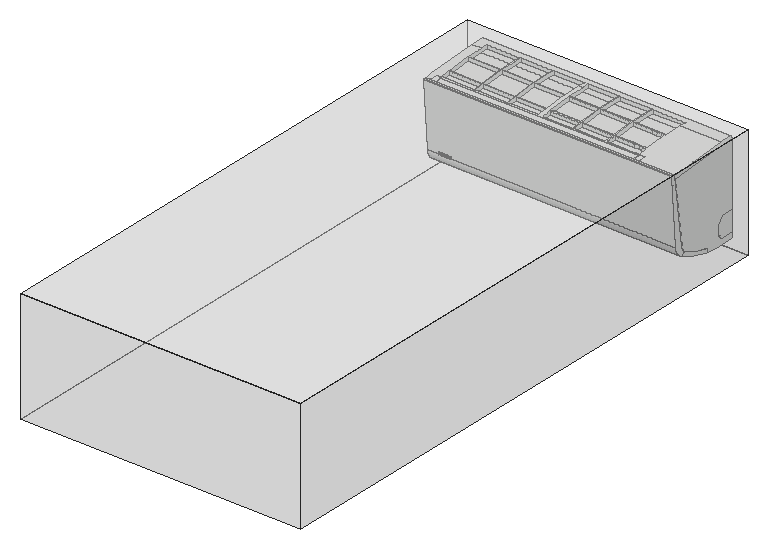
Revit family "outputfile", category 機械設備, Revit 2024
Family settings
  丸型コネクタ寸法 = 半径を使用
  パーツ タイプ = 標準
  OmniClass 番号 = 23.75.10.24.21.27.27
  OmniClass タイトル = Split System Air Conditioning Units
  作業面ベース = いいえ
  常に垂直 = はい
  ロード時にボイドで切り取り = いいえ
  注釈の向きを維持 = いいえ
  共有 = いいえ
  部屋計算ポイント = いいえ
Parameters (values of type "FTKF50CV1MF")
  Description = ""
  書き出し IFC クラス(タイプ) = "IfcUnitaryEquipmentType"
  定義済み IFC タイプ(タイプ) = "AIRCONDITIONINGUNIT"
  Cost = 0
  Type Comments = ""
  Keynote = ""
  Type Image = (empty or 0)
  Assembly Code = ""
  switch_frequency = yes
  lw_connection [instance] = if(Width = 730.0 mm, 85.0 mm, if(Width = 770.0 mm, 48.0 mm, 60.0 mm))  # 48.0 mm
  製造元 = "Daikin"
  モデル = "FTKF50CV1MF"
  r_Liquid Pipe Size = Liquid Pipe Size / 2  # 3.2 mm
  r_Gas Pipe Size = Gas Pipe Size / 2  # 6.35 mm
  r_Drain Pipe Size = Drain Pipe Size / 2  # 9.55 mm
  lw_powersupply [instance] = if(Width = 730.0 mm, if(or(Rear Right Connection_refrigerant, Bottom Right Connection_refrigerant), 65.0 mm, if(or(Rear Left Connection_refrigerant, Bottom Left Connection_refrigerant), 695.0 mm, 400.0 mm)), if(Width = 770.0 mm, if(or(Rear Right Connection_refrigerant, Bottom Right Connection_refrigerant), 68.0 mm, if(or(Rear Left Connection_refrigerant, Bottom Left Connection_refrigerant), 705.0 mm, 400.0 mm)), if(or(Rear Right Connection_refrigerant, Bottom Right Connection_refrigerant), 83.0 mm, if(or(Rear Left Connection_refrigerant, Bottom Left Connection_refrigerant), 928.0 mm, 400.0 mm))))  # 400.0 mm
  lw_liquidpipe [instance] = if(Width = 730.0 mm, if(or(Rear Right Connection_refrigerant, Bottom Right Connection_refrigerant), 0.0 mm, if(or(Rear Left Connection_refrigerant, Bottom Left Connection_refrigerant), 582.0 mm, 473.0 mm)), if(Width = 770.0 mm, if(or(Rear Right Connection_refrigerant, Bottom Right Connection_refrigerant), 0.0 mm, if(or(Rear Left Connection_refrigerant, Bottom Left Connection_refrigerant), 682.0 mm, 385.0 mm)), if(or(Rear Right Connection_refrigerant, Bottom Right Connection_refrigerant), 10.0 mm, if(or(Rear Left Connection_refrigerant, Bottom Left Connection_refrigerant), 858.0 mm, 435.0 mm))))  # 385.0 mm
  lw_gaspipe [instance] = if(Width = 730.0 mm, if(or(Rear Right Connection_refrigerant, Bottom Right Connection_refrigerant), 0.0 mm, if(or(Rear Left Connection_refrigerant, Bottom Left Connection_refrigerant), 576.0 mm, 428.0 mm)), if(Width = 770.0 mm, if(or(Rear Right Connection_refrigerant, Bottom Right Connection_refrigerant), 0.0 mm, if(or(Rear Left Connection_refrigerant, Bottom Left Connection_refrigerant), 675.0 mm, 335.0 mm)), if(or(Rear Right Connection_refrigerant, Bottom Right Connection_refrigerant), 0.0 mm, if(or(Rear Left Connection_refrigerant, Bottom Left Connection_refrigerant), 851.0 mm, 400.0 mm))))  # 335.0 mm
  lw_drainpipe [instance] = if(Width = 730.0 mm, if(or(Rear Right Connection_refrigerant, Bottom Right Connection_refrigerant), 0.0 mm, if(or(Rear Left Connection_refrigerant, Bottom Left Connection_refrigerant), 590.0 mm, 488.0 mm)), if(Width = 770.0 mm, if(or(Rear Right Connection_refrigerant, Bottom Right Connection_refrigerant), 0.0 mm, if(or(Rear Left Connection_refrigerant, Bottom Left Connection_refrigerant), 695.0 mm, 440.0 mm)), if(or(Rear Right Connection_refrigerant, Bottom Right Connection_refrigerant), 0.0 mm, if(or(Rear Left Connection_refrigerant, Bottom Left Connection_refrigerant), 888.0 mm, 475.0 mm))))  # 440.0 mm
  l_powersupply_length [instance] = if(Width = 730.0 mm, if(Right Connection_refrigerant, 400.0 mm, if(Left Connection_refrigerant, 330.0 mm, if(or(Bottom Left Connection_refrigerant, Bottom Right Connection_refrigerant), 57.0 mm, if(or(Rear Left Connection_refrigerant, Rear Right Connection_refrigerant), 15.0 mm, 50.0 mm)))), if(Width = 770.0 mm, if(Right Connection_refrigerant, 400.0 mm, if(Left Connection_refrigerant, 370.0 mm, if(or(Bottom Left Connection_refrigerant, Bottom Right Connection_refrigerant), 57.0 mm, if(or(Rear Left Connection_refrigerant, Rear Right Connection_refrigerant), 15.0 mm, 50.0 mm)))), if(Right Connection_refrigerant, 400.0 mm, if(Left Connection_refrigerant, 590.0 mm, if(or(Bottom Left Connection_refrigerant, Bottom Right Connection_refrigerant), 57.0 mm, if(or(Rear Left Connection_refrigerant, Rear Right Connection_refrigerant), 15.0 mm, 50.0 mm))))))  # 400.0 mm
  l_liquidpipe_length [instance] = if(Width = 730.0 mm, if(Right Connection_refrigerant, 558.0 mm, if(Left Connection_refrigerant, 172.0 mm, if(or(Bottom Left Connection_refrigerant, Bottom Right Connection_refrigerant), 48.0 mm, if(or(Rear Left Connection_refrigerant, Rear Right Connection_refrigerant), 30.0 mm, 40.0 mm)))), if(Width = 770.0 mm, if(Right Connection_refrigerant, 433.0 mm, if(Left Connection_refrigerant, 337.0 mm, if(or(Bottom Left Connection_refrigerant, Bottom Right Connection_refrigerant), 48.0 mm, if(or(Rear Left Connection_refrigerant, Rear Right Connection_refrigerant), 30.0 mm, 40.0 mm)))), if(Right Connection_refrigerant, 495.0 mm, if(Left Connection_refrigerant, 495.0 mm, if(or(Bottom Left Connection_refrigerant, Bottom Right Connection_refrigerant), 48.0 mm, if(or(Rear Left Connection_refrigerant, Rear Right Connection_refrigerant), 30.0 mm, 40.0 mm))))))  # 433.0 mm
  l_gaspipe_length [instance] = if(Width = 730.0 mm, if(Right Connection_refrigerant, 513.0 mm, if(Left Connection_refrigerant, 217.0 mm, if(or(Bottom Left Connection_refrigerant, Bottom Right Connection_refrigerant), 57.0 mm, if(or(Rear Left Connection_refrigerant, Rear Right Connection_refrigerant), 40.0 mm, 50.0 mm)))), if(Width = 770.0 mm, if(Right Connection_refrigerant, 383.0 mm, if(Left Connection_refrigerant, 387.0 mm, if(or(Bottom Left Connection_refrigerant, Bottom Right Connection_refrigerant), 57.0 mm, if(or(Rear Left Connection_refrigerant, Rear Right Connection_refrigerant), 40.0 mm, 50.0 mm)))), if(Right Connection_refrigerant, 460.0 mm, if(Left Connection_refrigerant, 530.0 mm, if(or(Bottom Left Connection_refrigerant, Bottom Right Connection_refrigerant), 57.0 mm, if(or(Rear Left Connection_refrigerant, Rear Right Connection_refrigerant), 40.0 mm, 50.0 mm))))))  # 383.0 mm
  l_drainpipe_length [instance] = if(Width = 730.0 mm, if(Right Connection_refrigerant, 573.0 mm, if(Left Connection_refrigerant, 157.0 mm, if(or(Bottom Left Connection_refrigerant, Bottom Right Connection_refrigerant), 35.0 mm, if(or(Rear Left Connection_refrigerant, Rear Right Connection_refrigerant), 15.0 mm, 20.0 mm)))), if(Width = 770.0 mm, if(Right Connection_refrigerant, 488.0 mm, if(Left Connection_refrigerant, 282.0 mm, if(or(Bottom Left Connection_refrigerant, Bottom Right Connection_refrigerant), 35.0 mm, if(or(Rear Left Connection_refrigerant, Rear Right Connection_refrigerant), 15.0 mm, 20.0 mm)))), if(Right Connection_refrigerant, 535.0 mm, if(Left Connection_refrigerant, 455.0 mm, if(or(Bottom Left Connection_refrigerant, Bottom Right Connection_refrigerant), 35.0 mm, if(or(Rear Left Connection_refrigerant, Rear Right Connection_refrigerant), 15.0 mm, 20.0 mm))))))  # 488.0 mm
  h*** = 0.0 mm  # constant formula
  connector_voltage = Voltage_50Hz  # 230 V
  connector_powerinput = [Power Input (Cooling)]  # 1.880 kW
  connector_phase = Phase_50Hz  # 1
  angle_vertical [instance] = if(or(Bottom Left Connection_refrigerant, Bottom Right Connection_refrigerant), 0.00°, 90.00°)  # 90.00°
  angle_horizontal [instance] = if(Right Connection_refrigerant, 90.00°, if(Left Connection_refrigerant, -90.00°, if(or(Rear Left Connection_refrigerant, Rear Right Connection_refrigerant), 180.00°, 0.00°)))  # 90.00°
  Width = 770.0 mm
  Voltage_comment_50Hz = "220 - 240"
  Voltage_50Hz = 230 V
  Version = "ver.1.0"
  Unit Type = "Wall Mounted"
  Unit Mass Weight = 9.50 kg
  Unit Designation [instance] = ""
  Uniclass2015Version = "Products v1.30"
  Uniclass2015Title = "Split coil room air conditioning units"
  Uniclass2015Code = "Pr_70_65_03_86"
  URL = ""
  Total Cooling Capacity [instance] = 0.000 kW
  Sound Pressure Level_M speed (dBA) = 39
  Sound Pressure Level_L speed (dBA) = 32
  Sound Pressure Level_H speed (dBA) = 42
  Sound Power Level_H speed (dB) = 0
  Series = "Single Split_Fan Coil Unit"
  Sensible Cooling Capacity [instance] = 0.000 kW
  Refrigerant Type = "R32"
  Power Input (Cooling) = 1.880 kW
  Phase_50Hz = 1
  Option Accessory 3 [instance] = ""
  Option Accessory 2 [instance] = ""
  Option Accessory 1 [instance] = ""
  Nominal Cooling Capacity = 5.280 kW
  Minimum Circuit Amps_50Hz = 11.0 A
  Minimum Airflow = 493.00 m³/h
  Median Airflow = 646.00 m³/h
  Maximum Fuse Amps_50Hz = 20.0 A
  Maximum Airflow = 731.00 m³/h
  Material_Casing = DAIKIN_White_Casing_indoorunit
  Load Classification = HVAC
  Liquid Pipe Size = 6.4 mm
  Link_Nested Family [instance] = ""
  IfcVersion = ""
  IfcExportType = "AIRCONDITIONINGUNIT"
  IfcExportAs = "IfcUnitaryEquipmentType"
  Height = 288.0 mm
  Heat Exchanger Type = "Cross Fin Coil"
  Gas Pipe Size = 12.7 mm
  Frequency_50Hz = 50 Hz
  Fan Type = "Cross Flow Fan"
  Fan Drive = "Direct Drive"
  FCU Tag No. [instance] = ""
  Drain Pipe Size = 19.1 mm
  Design Supply Airflow [instance] = 0.00 m³/h
  Depth = 234.0 mm
  既定の高さ = 0.0 mm
  Cooling Entering Wet Bulb Temperature [instance] = 0.00 °C
  Cooling Entering Dry Bulb Temperature [instance] = 0.00 °C
  Cooling Ambient Wet Bulb Temperature [instance] = 0.00 °C
  Cooling Ambient Dry Bulb Temperature [instance] = 0.00 °C
  Clearance visibility [instance] = yes
  Clearance Top = 30.0 mm
  Clearance Right = 50.0 mm
  Clearance Rear = 0.0 mm
  Clearance Left = 50.0 mm
  Clearance Front = 1500.0 mm
  Clearance Bottom = 30.0 mm
  Bottom Right Connection_refrigerant [instance] = no
  Bottom Left Connection_refrigerant [instance] = no
  Rear Right Connection_refrigerant [instance] = no
  Rear Left Connection_refrigerant [instance] = no
  Right Connection_refrigerant [instance] = yes
  Left Connection_refrigerant [instance] = no
Reference planes
  plane 1 "Back": y = 0
  plane 2: z = 0
  plane 3 "Center (Left/Right)": x = 0
  plane 4 "Center (Front/Back)": y = -117
  plane 5 "Front": y = -234
  plane 6 "Left": x = -385
  plane 7 "Right": x = 385
  plane 8 "Top": z = 0
  plane 9 "Bottom": z = -288
  plane 10 "Front panel_Left": x = -383
  plane 11 "Front panel_Right": x = 383
  plane 12: x = 249
  plane 13: x = 244
  plane 14: x = -435
  plane 15: x = 435
  plane 16: y = 0
  plane 17: y = -1734
  plane 18: z = 30
  plane 19: z = -318
  plane 20 "lw_Piping and Wiring intake": x = 337
  plane 21 "lw_gaspipe": x = 2
  plane 22 "lw_liquidpipe": x = -48
  plane 23 "lw_drainpipe": x = -103
  plane 24 "lh_drainpipe": z = -253
  plane 25 "lh_liquidpipe": z = -240
  plane 26 "lh_gaspipe": z = -231
  plane 27 "ld_drainpipe": y = -15
  plane 28 "ld_liquidpipe": y = -30
  plane 29 "ld_gaspipe": y = -40
  plane 30 "lw_powersupply": x = -15
Dimensions and locks
  equal spacing: plane 6 "Left", plane 3 "Center (Left/Right)", plane 7 "Right"
  "Width": plane 6 "Left" to plane 7 "Right"
  equal spacing: plane 5 "Front", plane 4 "Center (Front/Back)", plane 1 "Back"
  "Depth": plane 5 "Front" to plane 1 "Back"
  "Height": plane 8 "Top" to plane 9 "Bottom"
  locked: plane 10 "Front panel_Left" to plane 6 "Left" at 2
  locked: plane 7 "Right" to plane 11 "Front panel_Right" at 2
  locked: plane 7 "Right" to plane 12 at 136
  locked: plane 12 to plane 13 at 5
  "Clearance Rear": plane 16 to plane 1 "Back"
  "Clearance Front": plane 17 to plane 5 "Front"
  "Clearance Top": plane 18 to plane 8 "Top"
  "Clearance Bottom": plane 9 "Bottom" to plane 19
  "lw_connection": plane 20 "lw_Piping and Wiring intake" to plane 7 "Right"
  "lw_gaspipe": plane 21 "lw_gaspipe" to plane 20 "lw_Piping and Wiring intake"
  "lw_liquidpipe": plane 22 "lw_liquidpipe" to plane 20 "lw_Piping and Wiring intake"
  "lw_drainpipe": plane 23 "lw_drainpipe" to plane 20 "lw_Piping and Wiring intake"
  locked: plane 24 "lh_drainpipe" to plane 9 "Bottom" at 35
  locked: plane 25 "lh_liquidpipe" to plane 9 "Bottom" at 48
  locked: plane 26 "lh_gaspipe" to plane 9 "Bottom" at 57
  locked: plane 27 "ld_drainpipe" to plane 1 "Back" at 15
  locked: plane 1 "Back" to plane 28 "ld_liquidpipe" at 30
  locked: plane 1 "Back" to plane 29 "ld_gaspipe" at 40
  "lw_powersupply": plane 30 "lw_powersupply" to plane 7 "Right"
  "Clearance Left": plane 14 to plane 6 "Left"
  "Clearance Right": plane 7 "Right" to plane 15
  aligned and locked: level to plane 2
  aligned and locked: plane 19 to nested 1
  aligned and locked: plane 18 to nested 1
  aligned and locked: plane 21 "lw_gaspipe" to nested 2
  aligned and locked: nested 2 to plane 29 "ld_gaspipe"
  aligned and locked: plane 22 "lw_liquidpipe" to nested 3
  aligned and locked: nested 3 to plane 28 "ld_liquidpipe"
  aligned and locked: plane 23 "lw_drainpipe" to nested 4
  aligned and locked: nested 4 to plane 27 "ld_drainpipe"
  aligned and locked: nested 5 to plane 27 "ld_drainpipe"
  aligned and locked: plane 30 "lw_powersupply" to nested 5
  aligned and locked: level to plane 8 "Top"
  aligned and locked: nested 1 to plane 14
  aligned and locked: nested 1 to plane 15
  aligned and locked: plane 16 to nested 1
  aligned and locked: nested 1 to plane 17
Nested families
  nested 1: "daikin_clearancespace" at (0, -867, -143.881), show <- "Clearance visibility", visible <- "Clearance visibility", Link_Nested Family <- "Link_Nested Family", type "daikin_clearancespace"
    with width 870.0 mm, show yes, height 348.0 mm, depth 1734.0 mm, Link_Nested Family ""
  nested 2: "daikin_connector_rotate3" at (2, -40, -231), angle_vertical <- "angle_vertical", angle_horizontal <- "angle_horizontal", length <- "l_gaspipe_length", radius <- "r_Gas Pipe Size", type "daikin_connector_rotate3"
    with show no, radius 6.35 mm, length 383.0 mm, angle_vertical 90.00°, angle_horizontal 90.00°
  nested 3: "daikin_connector_rotate3" at (-48, -30, -240), angle_vertical <- "angle_vertical", angle_horizontal <- "angle_horizontal", radius <- "r_Liquid Pipe Size", length <- "l_liquidpipe_length", type "daikin_connector_rotate3"
    with show no, radius 3.2 mm, length 433.0 mm, angle_vertical 90.00°, angle_horizontal 90.00°
  nested 4: "daikin_connector_rotate3" at (-103, -15, -253), angle_vertical <- "angle_vertical", angle_horizontal <- "angle_horizontal", length <- "l_drainpipe_length", radius <- "r_Drain Pipe Size", type "daikin_connector_rotate3"
    with show no, radius 9.55 mm, length 488.0 mm, angle_vertical 90.00°, angle_horizontal 90.00°
  nested 5: "daikin_connector_rotate3" at (-15, -15, -231), angle_vertical <- "angle_vertical", angle_horizontal <- "angle_horizontal", length <- "l_powersupply_length", type "daikin_connector_rotate3"
    with show no, radius 10.0 mm, length 400.0 mm, angle_vertical 90.00°, angle_horizontal 90.00°
  nested 6: "DAIKIN_indoorunit_FTKF-CV1MF" at (-31, 0, 0), type "FTKF-CV1MF"
    with switch_unit1_35-50 yes, switch_unit1_20-25 no, Width 770.0 mm, WALL HOLE-R 48.0 mm, Height 288.0 mm
Connectors
  piping at (385, -40, -231), diameter 12.7, driven by "r_Gas Pipe Size"
    settings: on nested 2, index 1, connector inside diameter 609.6 mm, connector length 0.0 mm, flow factor 0, pipe flow 0.00 m³/h, pressure drop 0.0 Pa, fitting loss kfactor 0, connector angle 0.00°, fixture units 0, engagement length 0.0 mm, angle of deflection 0.00°, flow configuration 1, flow direction 2, fitting loss method 0, system type 29, joint type 0, gender type 0, connector reference index -1, connector utility 0, adjustable connector no, is connector primary yes, connector description "Refrigerant Gas Piping"
  piping at (385, -30, -240), diameter 6.4, driven by "r_Liquid Pipe Size"
    settings: on nested 3, index 2, connector inside diameter 609.6 mm, connector length 0.0 mm, flow factor 0, pipe flow 0.00 m³/h, pressure drop 0.0 Pa, fitting loss kfactor 0, connector angle 0.00°, fixture units 0, engagement length 0.0 mm, angle of deflection 0.00°, flow configuration 1, flow direction 1, fitting loss method 0, system type 29, joint type 0, gender type 0, connector reference index -1, connector utility 0, adjustable connector no, is connector primary no, connector description "Refrigerant Liquid Piping"
  piping at (385, -15, -253), diameter 19.1, driven by "r_Drain Pipe Size"
    settings: on nested 4, index 3, connector inside diameter 609.6 mm, connector length 0.0 mm, flow factor 0, pipe flow 0.00 m³/h, pressure drop 0.0 Pa, fitting loss kfactor 0, connector angle 0.00°, fixture units 0, engagement length 0.0 mm, angle of deflection 0.00°, flow configuration 1, flow direction 2, fitting loss method 4, system type 16, joint type 0, gender type 0, connector reference index -1, connector utility 0, adjustable connector no, is connector primary no, connector description "Condensate Drain Piping"
  electrical at (385, -15, -231), driven by "Load Classification", driven by "connector_powerinput", driven by "connector_phase", driven by "connector_voltage"
    settings: on nested 5, index 4, voltage 230 V, apparent load 1880 VA, apparent load phase1 0 VA, apparent load phase2 0 VA, apparent load phase3 0 VA, power factor 1, load classification "HVAC", number of poles 1, system type 30, power factor state 1, is connector primary yes, connector utility no, sub classification motor no, connector description "Power Supply"
Definition of nested family "daikin_clearancespace"
  Parameters (values of type "daikin_clearancespace")
    Description = "daikin_clearancespace"
    width [instance] = 1823.963 mm
    show [instance] = yes
    material = none
    height [instance] = 1359.762 mm
    depth [instance] = 880.0 mm
    Default Elevation = 0.0 mm
    Link_Nested Family [instance] = ""
  Reference planes
    plane 1 "Center (Front/Back)": y = 0
    plane 2 "Center (Elevation)": z = -0.119
    plane 3 "Center (Left/Right)": x = 0
    plane 4: y = 440
    plane 5: y = -440
    plane 6 "Right": x = 911.982
    plane 7 "Left": x = -911.982
    plane 8 "Top": z = 679.762
    plane 9 "Bottom": z = -680
  Forms (mm)
    Extrusion 1, solid, material <- "material", visible <- "show"
      sketch origin (0, 0, 0) x (1, 0, 0) y (0, 1, 0)
        loop
          line (-911.982, 440) -> (-911.982, -440) -> (911.982, -440) -> (911.982, 440) -> (-911.982, 440)
      from -680 to 679.762
  Lines and regions (mm)
    symbolic lines, visible <- "show"
      curve 1: line (911.982, 440, 0) -> (-911.982, 440, 0)
      curve 2: line (-911.982, 440, 0) -> (-911.982, -440, 0)
      curve 3: line (-911.982, -440, 0) -> (911.982, -440, 0)
      curve 4: line (911.982, -440, 0) -> (911.982, 440, 0)
      curve 5: line (911.982, 0, 679.762) -> (-911.982, 0, 679.762)
      curve 6: line (911.982, 0, -680) -> (911.982, 0, 679.762)
      curve 7: line (-911.982, 0, -680) -> (911.982, 0, -680)
      curve 8: line (-911.982, 0, 679.762) -> (-911.982, 0, -680)
      curve 9: line (0, 440, 679.762) -> (0, -440, 679.762)
      curve 10: line (0, -440, 679.762) -> (0, -440, -680)
      curve 11: line (0, 440, -680) -> (0, 440, 679.762)
      curve 12: line (0, -440, -680) -> (0, 440, -680)
  Dimensions and locks
    "width": plane 7 "Left" to plane 6 "Right"
    "depth": plane 4 to plane 5
    "height": plane 8 "Top" to plane 9 "Bottom"
    equal spacing: plane 7 "Left", plane 3 "Center (Left/Right)", plane 6 "Right"
    equal spacing: plane 4, plane 1 "Center (Front/Back)", plane 5
    equal spacing: plane 8 "Top", plane 2 "Center (Elevation)", plane 9 "Bottom"
    aligned and locked: level to plane 2 "Center (Elevation)"
    aligned and locked: Extrusion 1 sketch curve to plane 4
    aligned and locked: plane 7 "Left" to Extrusion 1 sketch curve
    aligned and locked: Extrusion 1 sketch curve to plane 5
    aligned and locked: Extrusion 1 sketch curve to plane 6 "Right"
    aligned and locked: plane 8 "Top" to Extrusion 1
    aligned and locked: curve 1 to Extrusion 1
    aligned and locked: curve 2 to Extrusion 1
    aligned and locked: curve 3 to Extrusion 1
    aligned and locked: curve 4 to Extrusion 1
    aligned and locked: curve 5 to Extrusion 1
    aligned and locked: curve 6 to Extrusion 1
    aligned and locked: curve 7 to Extrusion 1
    aligned and locked: curve 8 to Extrusion 1
    aligned and locked: curve 9 to Extrusion 1
    aligned and locked: curve 10 to Extrusion 1
    aligned and locked: curve 11 to Extrusion 1
    aligned and locked: curve 12 to Extrusion 1
    aligned and locked: Extrusion 1 to plane 9 "Bottom"
Definition of nested family "DAIKIN_indoorunit_FTKF-CV1MF"
  Parameters (values of type "FTKF-CV1MF")
    switch_unit1_60-71 = Width = 990.0 mm  # no
    switch_unit1_35-50 = Width = 770.0 mm  # no
    switch_unit1_20-25 = Width = 730.0 mm  # yes
    Width = 730.0 mm
    WALL HOLE-R = if(Width = 730.0 mm, 79.0 mm, 48.0 mm)  # 79.0 mm
    Material_Casing = none
    Height = if(Width = 730.0 mm, 280.0 mm, if(Width = 770.0 mm, 288.0 mm, 297.0 mm))  # 280.0 mm
    Default Elevation = 0.0 mm
  Reference planes
    plane 1 "Center (Front/Back)": y = 0
    plane 2 "reference_level": z = 0
    plane 3 "Center (Left/Right)": x = 31
    plane 4: x = -334
    plane 5: x = 396
    plane 6: z = -280
  Forms (mm)
    Extrusion 1, solid, material <- "Material_Casing", visible <- "switch_unit1_20-25"
      sketch origin (31, 0, 0) x (0, 1, 0) y (0, 0, 1)
        loop
          line (-109.519, -8) -> (-2.596, -8) -> (-8.198, 0) -> (-109.608, 0)
          arc (-109.608, 0) -> (-157.226, -5.2) -> (-202.599, -20.555) r 220.623
          line (-202.599, -20.555) -> (-202.447, -29.25)
          arc (-202.447, -29.25) -> (-157.182, -13.38) -> (-109.519, -8) r 213.82
      from -365 to 365
    Extrusion 2, solid, material <- "Material_Casing", visible <- "switch_unit1_20-25"
      sketch origin (416, 1304.033, 1200.206) x (0, 1, 0) y (0, 0, 1)
        loop
          arc (-1496.513, -1423.164) -> (-1487.225, -1434.204) -> (-1476.373, -1443.711) r 95
          arc (-1476.373, -1443.711) -> (-1448.371, -1461.92) -> (-1418.191, -1476.232) r 250
          line (-1418.191, -1476.232) -> (-1418.191, -1465.318)
          arc (-1418.191, -1465.318) -> (-1445.052, -1452.134) -> (-1470.063, -1435.711) r 240
          arc (-1470.063, -1435.711) -> (-1477.766, -1429.186) -> (-1484.641, -1421.794) r 85
          line (-1484.641, -1421.794) -> (-1496.513, -1423.164)
      from -20 to -177
    Extrusion 3, solid, material <- "Material_Casing", visible <- "switch_unit1_20-25"
      sketch origin (31, 0, 0) x (0, 1, 0) y (0, 0, 1)
        loop
          line (-202.769, -10.816) -> (-211.618, -13.692)
          arc (-211.618, -13.692) -> (-212.628, -14.432) -> (-213, -15.629) r 2
          line (-213, -15.629) -> (-210.348, -167.5)
          arc (-210.348, -167.5) -> (-206.029, -195.818) -> (-193.465, -221.562) r 95
          line (-193.465, -221.562) -> (-181.653, -220.199)
          arc (-181.653, -220.199) -> (-195.31, -195.356) -> (-200.037, -167.403) r 85
          line (-200.037, -167.403) -> (-202.769, -10.816)
      from -365 to 365
    Extrusion 4, solid, material <- "Material_Casing", visible <- "switch_unit1_20-25"
      sketch origin (31, 0, 0) x (0, 1, 0) y (0, 0, 1)
        loop
          line (0, -280) -> (0, -11.707) -> (-2.596, -8) -> (-109.519, -8)
          arc (-109.519, -8) -> (-156.378, -13.198) -> (-200.959, -28.539) r 213.82
          line (-200.959, -28.539) -> (-198.537, -167.295)
          arc (-198.537, -167.295) -> (-189.766, -204.754) -> (-165.131, -234.305) r 83.5
          arc (-165.131, -234.305) -> (-139.841, -250.873) -> (-112.659, -264.109) r 238.5
          line (-112.659, -264.109) -> (-112.659, -276.338)
          arc (-112.659, -276.338) -> (-100.834, -279.079) -> (-88.731, -280) r 80
          line (-88.731, -280) -> (0, -280)
      from -365 to 365
    Extrusion 5, solid, material <- "Material_Casing", visible <- "switch_unit1_20-25"
      sketch origin (-354, 1304.033, 1200.206) x (0, 1, 0) y (0, 0, 1)
        loop
          arc (-1496.513, -1423.164) -> (-1487.225, -1434.204) -> (-1476.373, -1443.711) r 95
          arc (-1476.373, -1443.711) -> (-1448.371, -1461.92) -> (-1418.191, -1476.232) r 250
          line (-1418.191, -1476.232) -> (-1418.191, -1465.318)
          arc (-1418.191, -1465.318) -> (-1445.052, -1452.134) -> (-1470.063, -1435.711) r 240
          arc (-1470.063, -1435.711) -> (-1477.766, -1429.186) -> (-1484.641, -1421.794) r 85
          line (-1484.641, -1421.794) -> (-1496.513, -1423.164)
      from 72 to 20
    Extrusion 6, solid, material <- "Material_Casing", visible <- "switch_unit1_20-25"
      sketch origin (31, 7.782, 0.206) x (0, 1, 0) y (0, 0, 1)
        loop
          line (-188.39, -221.794) -> (-200.262, -223.164)
          arc (-200.262, -223.164) -> (-190.975, -234.204) -> (-180.122, -243.711) r 95
          arc (-180.122, -243.711) -> (-152.12, -261.92) -> (-121.941, -276.232) r 250
          line (-121.941, -276.232) -> (-121.941, -265.318)
          arc (-121.941, -265.318) -> (-148.801, -252.134) -> (-173.813, -235.711) r 240
          arc (-173.813, -235.711) -> (-181.515, -229.186) -> (-188.39, -221.794) r 85
      from 204 to -309
    Extrusion 7, void
      sketch origin (31, 0, -235) x (1, 0, 0) y (0, 1, 0)
        loop
          line (-324.633, -72.419) -> (-304, -73.5) -> (-234.9, -73.5) -> (-234.9, -24.5) -> (-324.633, -24.5) -> (-324.633, -72.419)
        loop
          line (-304, -74.9) -> (-324.633, -75.939) -> (-324.633, -139.819) -> (-304, -140.9) -> (-234.9, -140.9) -> (-234.9, -74.9) -> (-304, -74.9)
        loop
          line (-304, -142.3) -> (-324.633, -143.326) -> (-324.633, -182.209) -> (-300, -183.5) -> (-234.9, -183.5) -> (-234.9, -142.3) -> (-304, -142.3)
        loop
          line (-233.5, -142.3) -> (-233.5, -183.5) -> (-146.9, -183.5) -> (-146.9, -142.3) -> (-233.5, -142.3)
        loop
          line (-233.5, -140.9) -> (-146.9, -140.9) -> (-146.9, -74.9) -> (-233.5, -74.9) -> (-233.5, -140.9)
        loop
          line (-233.5, -73.5) -> (-146.9, -73.5) -> (-146.9, -24.5) -> (-233.5, -24.5) -> (-233.5, -73.5)
        loop
          line (-145.5, -73.5) -> (-74.9, -73.5) -> (-54.9, -72.452) -> (-54.9, -24.5) -> (-145.5, -24.5) -> (-145.5, -73.5)
        loop
          line (-145.5, -74.9) -> (-145.5, -140.9) -> (-74.9, -140.9) -> (-54.9, -139.852) -> (-54.9, -75.948) -> (-74.9, -74.9) -> (-145.5, -74.9)
        loop
          line (-145.5, -142.3) -> (-145.5, -183.5) -> (-74.9, -183.5) -> (-54.9, -182.452) -> (-54.9, -143.348) -> (-74.9, -142.3) -> (-145.5, -142.3)
        loop
          line (-53.5, -24.5) -> (-53.5, -72.452) -> (-33.5, -73.5) -> (36.5, -73.5) -> (36.5, -24.5) -> (-53.5, -24.5)
        loop
          line (-53.5, -75.948) -> (-53.5, -139.852) -> (-33.5, -140.9) -> (36.5, -140.9) -> (36.5, -74.9) -> (-33.5, -74.9) -> (-53.5, -75.948)
        loop
          line (-33.5, -142.3) -> (-53.5, -143.348) -> (-53.5, -182.452) -> (-33.5, -183.5) -> (36.5, -183.5) -> (36.5, -142.3) -> (-33.5, -142.3)
        loop
          line (37.9, -24.5) -> (37.9, -73.5) -> (124.9, -73.5) -> (124.9, -24.5) -> (37.9, -24.5)
        loop
          line (37.9, -74.9) -> (37.9, -140.9) -> (124.9, -140.9) -> (124.9, -74.9) -> (37.9, -74.9)
        loop
          line (37.9, -142.3) -> (37.9, -183.5) -> (124.9, -183.5) -> (124.9, -142.3) -> (37.9, -142.3)
        loop
          line (126.3, -24.5) -> (126.3, -73.5) -> (195.6, -73.5) -> (216, -72.431) -> (216, -24.5) -> (126.3, -24.5)
        loop
          line (126.3, -74.9) -> (126.3, -140.9) -> (198.5, -140.9) -> (216, -139.983) -> (216, -75.817) -> (198.5, -74.9) -> (126.3, -74.9)
        loop
          line (126.3, -142.3) -> (126.3, -183.5) -> (198.337, -183.5) -> (216, -182.623) -> (216, -143.217) -> (198.5, -142.3) -> (126.3, -142.3)
      from 201.638 to 250
    Extrusion 8, solid, material <- "Material_Casing"
      sketch origin (31, 0, 0) x (1, 0, 0) y (0, 0, 1)
        loop
          circle (286, -235) r 40
        loop
          circle (-317, -235) r 40
      from 0 to 5
    Extrusion 9, solid, material <- "Material_Casing", visible <- "switch_unit1_20-25"
      sketch origin (396, 1296.25, 1200) x (0, -1, 0) y (0, 0, 1)
        loop
          line (1326.25, -1413) -> (1296.25, -1413) -> (1296.25, -1473) -> (1326.25, -1473)
          arc (1326.25, -1473) -> (1340.393, -1467.142) -> (1346.25, -1453) r 20
          line (1346.25, -1453) -> (1346.25, -1433)
          arc (1346.25, -1433) -> (1340.393, -1418.858) -> (1326.25, -1413) r 20
      from 0 to 5
    Extrusion 10, solid, material <- "Material_Casing", visible <- "switch_unit1_20-25"
      sketch origin (-334, 1296.25, 1200) x (0, 1, 0) y (0, 0, 1)
        loop
          line (-1296.25, -1413) -> (-1326.25, -1413)
          arc (-1326.25, -1413) -> (-1340.393, -1418.858) -> (-1346.25, -1433) r 20
          line (-1346.25, -1433) -> (-1346.25, -1453)
          arc (-1346.25, -1453) -> (-1340.393, -1467.142) -> (-1326.25, -1473) r 20
          line (-1326.25, -1473) -> (-1296.25, -1473) -> (-1296.25, -1413)
      from 0 to 5
    Extrusion 11, solid, material <- "Material_Casing", visible <- "switch_unit1_20-25"
      sketch origin (11, 0, -285) x (-1, 0, 0) y (0, -1, 0)
        loop
          line (-279, 0) -> (-279, 30)
          arc (-279, 30) -> (-284.419, 43.081) -> (-297.5, 48.5) r 18.5
          line (-297.5, 48.5) -> (-320.5, 48.5)
          arc (-320.5, 48.5) -> (-333.581, 43.081) -> (-339, 30) r 18.5
          line (-339, 30) -> (-339, 0) -> (-279, 0)
        loop
          line (326, 0) -> (326, 30)
          arc (326, 30) -> (320.581, 43.081) -> (307.5, 48.5) r 18.5
          line (307.5, 48.5) -> (284.5, 48.5)
          arc (284.5, 48.5) -> (271.419, 43.081) -> (266, 30) r 18.5
          line (266, 30) -> (266, 0) -> (326, 0)
      from 10 to 5
    Extrusion 12, solid, material <- "Material_Casing", visible <- "switch_unit1_35-50"
      sketch origin (31, 0, 0) x (0, 1, 0) y (0, 0, 1)
        loop
          line (-5, 0) -> (-45.84, 0)
          arc (-45.84, 0) -> (-135.906, -3.965) -> (-225.275, -15.831) r 1024.823
          arc (-225.275, -15.831) -> (-224.639, -21.302) -> (-223.878, -26.758) r 241.564
          arc (-223.878, -26.758) -> (-135.207, -14.947) -> (-45.84, -11) r 1013.66
          line (-45.84, -11) -> (0, -11) -> (0, -9.02) -> (-5, 0)
      from -385 to 385
    Extrusion 13, solid, material <- "Material_Casing", visible <- "switch_unit1_35-50"
      sketch origin (31, 0, 0) x (0, 1, 0) y (0, 0, 1)
        loop
          arc (-226.673, -12.416) -> (-229.519, -12.929) -> (-232.363, -13.449) r 1025.776
          arc (-232.363, -13.449) -> (-233.586, -14.198) -> (-233.994, -15.573) r 2
          line (-233.994, -15.573) -> (-218.08, -217.408)
          arc (-218.08, -217.408) -> (-211.296, -237.286) -> (-195.807, -251.472) r 42.415
          line (-195.807, -251.472) -> (-186.556, -243.946)
          arc (-186.556, -243.946) -> (-193.981, -235.221) -> (-197.648, -224.366) r 30.386
          line (-197.648, -224.366) -> (-226.673, -12.416)
      from -385 to 385
    Extrusion 14, void
      sketch origin (33, 0, 0) x (1, 0, 0) y (0, 1, 0)
        loop
          line (-357.499, -23.5) -> (-357.499, -96.7) -> (-255.999, -96.7) -> (-255.999, -23.5) -> (-357.499, -23.5)
        loop
          line (-255.999, -99.1) -> (-357.499, -99.1) -> (-357.499, -170.1) -> (-255.999, -170.1) -> (-255.999, -99.1)
        loop
          line (-255.999, -171.7) -> (-357.499, -171.7) -> (-357.499, -201.7) -> (-255.999, -201.7) -> (-255.999, -171.7)
        loop
          line (-253.399, -23.5) -> (-253.399, -96.7) -> (-153.899, -96.7) -> (-153.899, -23.5) -> (-253.399, -23.5)
        loop
          line (-253.399, -99.1) -> (-253.399, -170.1) -> (-153.899, -170.1) -> (-153.899, -99.1) -> (-253.399, -99.1)
        loop
          line (-153.899, -171.7) -> (-253.399, -171.7) -> (-253.399, -201.7) -> (-153.899, -201.7) -> (-153.899, -171.7)
        loop
          line (-56.549, -23.5) -> (-151.299, -23.5) -> (-151.299, -96.7) -> (-56.549, -96.7) -> (-56.549, -23.5)
        loop
          line (-151.299, -99.1) -> (-151.299, -170.1) -> (-56.549, -170.1) -> (-56.549, -99.1) -> (-151.299, -99.1)
        loop
          line (-56.549, -171.7) -> (-151.299, -171.7) -> (-151.299, -201.7) -> (-56.549, -201.7) -> (-56.549, -171.7)
        loop
          line (50.301, -23.5) -> (-44.549, -23.5) -> (-44.549, -96.7) -> (50.301, -96.7) -> (50.301, -23.5)
        loop
          line (-44.549, -99.1) -> (-44.549, -170.1) -> (50.301, -170.1) -> (50.301, -99.1) -> (-44.549, -99.1)
        loop
          line (50.301, -171.7) -> (-44.549, -171.7) -> (-44.549, -201.7) -> (50.301, -201.7) -> (50.301, -171.7)
        loop
          line (52.901, -23.5) -> (52.901, -96.7) -> (152.401, -96.7) -> (152.401, -23.5) -> (52.901, -23.5)
        loop
          line (52.901, -99.1) -> (52.901, -170.1) -> (152.401, -170.1) -> (152.401, -99.1) -> (52.901, -99.1)
        loop
          line (52.901, -171.7) -> (52.901, -201.7) -> (152.401, -201.7) -> (152.401, -171.7) -> (52.901, -171.7)
        loop
          line (155.001, -23.5) -> (155.001, -96.7) -> (256.501, -96.7) -> (256.501, -23.5) -> (155.001, -23.5)
        loop
          line (155.001, -99.1) -> (155.001, -170.1) -> (217.501, -170.1) -> (229.501, -170.1) -> (241.501, -170.1) -> (256.501, -170.1) -> (256.501, -152.1) -> (256.501, -134.1) -> (256.501, -116.1) -> (256.501, -99.1) -> (241.501, -99.1) -> (229.501, -99.1) -> (217.501, -99.1) -> (155.001, -99.1)
        loop
          line (155.001, -171.7) -> (155.001, -201.7) -> (217.501, -201.7) -> (229.501, -201.7) -> (241.501, -201.7) -> (256.501, -201.7) -> (256.501, -171.7) -> (241.501, -171.7) -> (229.501, -171.7) -> (217.501, -171.7) -> (155.001, -171.7)
      from -40.013 to 47.268
    Extrusion 15, solid, material <- "Material_Casing", visible <- "switch_unit1_35-50"
      sketch origin (-356, 1308.25, 1200) x (0, 1, 0) y (0, 0, -1)
        loop
          line (-1407.524, 1473.254) -> (-1407.524, 1484.154)
          arc (-1407.524, 1484.154) -> (-1456.679, 1472.122) -> (-1503.106, 1451.987) r 299.52
          line (-1503.106, 1451.987) -> (-1494.032, 1444.604)
          arc (-1494.032, 1444.604) -> (-1451.915, 1462.363) -> (-1407.524, 1473.254) r 288.723
      from -2 to -49.5
    Extrusion 16, solid, material <- "Material_Casing", visible <- "switch_unit1_35-50"
      sketch origin (418, 1308.25, 1200) x (0, 1, 0) y (0, 0, 1)
        loop
          arc (-1407.524, -1473.254) -> (-1451.915, -1462.363) -> (-1494.032, -1444.604) r 288.723
          line (-1494.032, -1444.604) -> (-1503.106, -1451.987)
          arc (-1503.106, -1451.987) -> (-1456.679, -1472.122) -> (-1407.524, -1484.154) r 299.52
          line (-1407.524, -1484.154) -> (-1407.524, -1473.254)
      from -2 to -119.5
    Extrusion 17, solid, material <- "Material_Casing", visible <- "switch_unit1_35-50"
      sketch origin (418, 1308.25, 1200) x (0, 1, 0) y (0, 0, 1)
        loop
          line (-1407.524, -1484.154) -> (-1407.524, -1473.254)
          arc (-1407.524, -1473.254) -> (-1451.915, -1462.363) -> (-1494.032, -1444.604) r 288.723
          line (-1494.032, -1444.604) -> (-1503.106, -1451.987)
          arc (-1503.106, -1451.987) -> (-1456.679, -1472.122) -> (-1407.524, -1484.154) r 299.52
      from -119.5 to -724.5
    Extrusion 18, solid, material <- "Material_Casing", visible <- "switch_unit1_35-50"
      sketch origin (31, 0, -30) x (0, 1, 0) y (0, 0, 1)
        loop
          arc (-45.84, 19) -> (-135.218, 15.052) -> (-223.901, 3.238) r 1013.66
          line (-223.901, 3.238) -> (-196.855, -194.257)
          arc (-196.855, -194.257) -> (-192.985, -205.344) -> (-185.107, -214.052) r 29.589
          arc (-185.107, -214.052) -> (-142.926, -231.76) -> (-98.473, -242.568) r 288.081
          line (-98.473, -242.568) -> (-98.525, -254.271)
          arc (-98.525, -254.271) -> (-75.337, -257.066) -> (-52, -258) r 292.099
          line (-52, -258) -> (0, -258) -> (0, 19) -> (-45.84, 19)
      from -385 to 385
    Extrusion 19, solid, material <- "Material_Casing", visible <- "switch_unit1_35-50"
      sketch origin (416, 1296.25, 1200) x (0, -1, 0) y (0, 0, 1)
        loop
          line (1329.05, -1409.6) -> (1296.25, -1409.6) -> (1296.25, -1469.6) -> (1329.05, -1469.6)
          arc (1329.05, -1469.6) -> (1342.627, -1463.976) -> (1348.25, -1450.4) r 19.2
          line (1348.25, -1450.4) -> (1348.25, -1428.8)
          arc (1348.25, -1428.8) -> (1342.627, -1415.224) -> (1329.05, -1409.6) r 19.2
      from 0 to 5
    Extrusion 20, solid, material <- "Material_Casing", visible <- "switch_unit1_35-50"
      sketch origin (-349, 1296.25, 1200) x (0, -1, 0) y (0, 0, 1)
        loop
          line (1329.05, -1409.6) -> (1296.25, -1409.6) -> (1296.25, -1469.6) -> (1329.05, -1469.6)
          arc (1329.05, -1469.6) -> (1342.627, -1463.976) -> (1348.25, -1450.4) r 19.2
          line (1348.25, -1450.4) -> (1348.25, -1428.8)
          arc (1348.25, -1428.8) -> (1342.627, -1415.224) -> (1329.05, -1409.6) r 19.2
      from 0 to 5
    Extrusion 21, solid, material <- "Material_Casing", visible <- "switch_unit1_35-50"
      sketch origin (31, 200, -288) x (-1, 0, 0) y (0, -1, 0)
        loop
          line (369, 200) -> (369, 232)
          arc (369, 232) -> (363.142, 246.142) -> (349, 252) r 20
          line (349, 252) -> (329, 252)
          arc (329, 252) -> (314.858, 246.142) -> (309, 232) r 20
          line (309, 232) -> (309, 200) -> (369, 200)
        loop
          line (-369, 200) -> (-309, 200) -> (-309, 232)
          arc (-309, 232) -> (-314.858, 246.142) -> (-329, 252) r 20
          line (-329, 252) -> (-349, 252)
          arc (-349, 252) -> (-363.142, 246.142) -> (-369, 232) r 20
          line (-369, 232) -> (-369, 200)
      from 0 to 5
    Extrusion 22, void
      sketch origin (0, 0, 0) x (1, 0, 0) y (0, 1, 0)
        loop
          line (-308, -185.757) -> (-308, -202.769) -> (262, -202.769) -> (262, -185.757) -> (-308, -185.757)
      from -35 to 0
    Extrusion 23, solid, material <- "Material_Casing", visible <- "switch_unit1_20-25"
      sketch origin (0, 0, 0) x (1, 0, 0) y (0, 1, 0)
        loop
          line (-308, -185.757) -> (-308, -202.757) -> (-293, -202.757) -> (-293, -185.757) -> (-308, -185.757)
        loop
          line (262, -185.757) -> (247, -185.757) -> (247, -202.757) -> (262, -202.757) -> (262, -185.757)
      from -35 to 0
    Extrusion 24, solid, material <- "Material_Casing", visible <- "switch_unit1_20-25"
      sketch origin (0, 0, 0) x (1, 0, 0) y (0, 1, 0)
        loop
          line (-293, -190.757) -> (-293, -202.757) -> (247, -202.757) -> (247, -190.757) -> (203.171, -190.757) -> (203.171, -194.257)
          arc (203.171, -194.257) -> (202.732, -195.318) -> (201.671, -195.757) r 1.5
          line (201.671, -195.757) -> (180.129, -195.757)
          arc (180.129, -195.757) -> (179.068, -195.318) -> (178.629, -194.257) r 1.5
          line (178.629, -194.257) -> (178.629, -190.757) -> (46.421, -190.757) -> (46.421, -194.257)
          arc (46.421, -194.257) -> (45.982, -195.318) -> (44.921, -195.757) r 1.5
          line (44.921, -195.757) -> (23.379, -195.757)
          arc (23.379, -195.757) -> (22.318, -195.318) -> (21.879, -194.257) r 1.5
          line (21.879, -194.257) -> (21.879, -190.757) -> (-68.079, -190.757) -> (-68.079, -194.257)
          arc (-68.079, -194.257) -> (-68.518, -195.318) -> (-69.579, -195.757) r 1.5
          line (-69.579, -195.757) -> (-91.121, -195.757)
          arc (-91.121, -195.757) -> (-92.182, -195.318) -> (-92.621, -194.257) r 1.5
          line (-92.621, -194.257) -> (-92.621, -190.757) -> (-224.829, -190.757) -> (-224.829, -194.257)
          arc (-224.829, -194.257) -> (-225.268, -195.318) -> (-226.329, -195.757) r 1.5
          line (-226.329, -195.757) -> (-247.871, -195.757)
          arc (-247.871, -195.757) -> (-248.932, -195.318) -> (-249.371, -194.257) r 1.5
          line (-249.371, -194.257) -> (-249.371, -190.757) -> (-293, -190.757)
      from -35 to 0
    Extrusion 25, void
      sketch origin (31, 0, 0) x (0, 1, 0) y (0, 0, 1)
        loop
          line (-185.757, -13.903) -> (-185.757, 0) -> (-205.202, 0) -> (-205.202, -21.715)
          arc (-205.202, -21.715) -> (-195.563, -17.601) -> (-185.757, -13.903) r 245
        loop
          line (-205.202, -30.526) -> (-205.202, -35) -> (-185.757, -35) -> (-185.757, -22.404)
          arc (-185.757, -22.404) -> (-195.57, -26.249) -> (-205.202, -30.526) r 237
      from 231 to -339
    Extrusion 26, void
      sketch origin (0, 0, 0) x (1, 0, 0) y (0, 1, 0)
        loop
          line (-341.401, -199.9) -> (-342.412, -238.673) -> (306.373, -238.673)
          spline (306.373, -238.673) -> (306.288, -235.451) -> (306.202, -232.228) -> (306.116, -229.002) -> (306.031, -225.775) -> (305.945, -222.546) -> (305.859, -219.316) -> (305.774, -216.084) -> (305.688, -212.85) -> (305.602, -209.615) -> (305.517, -206.378) -> (305.431, -203.14) -> (305.345, -199.9)
          line (305.345, -199.9) -> (290.148, -199.9) -> (290.015, -203.69) -> (-326.04, -203.69) -> (-326.173, -199.9) -> (-341.401, -199.9)
      from 0 to -34.101
    Extrusion 27, solid, material <- "Material_Casing", visible <- "switch_unit1_35-50"
      sketch origin (0, 0, 0) x (1, 0, 0) y (0, 1, 0)
        loop
          line (-324.05, -226.673) -> (-324.05, -203.69) -> (-326.04, -203.69) -> (-326.173, -199.9) -> (-341.401, -199.9) -> (-342.099, -226.673) -> (-324.05, -226.673)
        loop
          line (305.344, -199.9) -> (290.148, -199.9) -> (290.015, -203.69) -> (288.001, -203.69) -> (288.001, -226.673) -> (306.055, -226.673) -> (305.344, -199.9)
      from 0 to -30
    Extrusion 28, solid, material <- "Material_Casing", visible <- "switch_unit1_35-50"
      sketch origin (0, 0, 0) x (1, 0, 0) y (0, 1, 0)
        loop
          line (288.001, -203.69) -> (-324.05, -203.69) -> (-324.05, -226.673) -> (288.001, -226.673) -> (288.001, -203.69)
      from 0 to -30
    Extrusion 29, void
      sketch origin (31, 0, 0) x (0, 1, 0) y (0, 0, 1)
        loop
          arc (-223.878, -26.758) -> (-224.639, -21.302) -> (-225.275, -15.831) r 241.564
          arc (-225.275, -15.831) -> (-212.6, -13.659) -> (-199.9, -11.646) r 1024.823
          line (-199.9, -11.646) -> (-199.9, 0) -> (-238.673, 0) -> (-238.673, -30) -> (-199.9, -30) -> (-199.9, -22.776)
          arc (-199.9, -22.776) -> (-211.901, -24.695) -> (-223.878, -26.758) r 1013.66
      from -385 to 385
    Extrusion 30, void
      sketch origin (31, 12, 0) x (0, 1, 0) y (0, 0, 1)
        loop
          arc (-201.887, -254.601) -> (-173.585, -267.35) -> (-144.115, -277.1) r 299.52
          line (-144.115, -277.1) -> (-122.392, -277.1)
          arc (-122.392, -277.1) -> (-157.174, -267.937) -> (-190.58, -254.601) r 294.52
          line (-190.58, -254.601) -> (-201.887, -254.601)
      from 303 to 335
    Extrusion 31, solid, material <- "Material_Casing", visible <- "switch_unit1_35-50"
      sketch origin (31, 12, 0) x (0, 1, 0) y (0, 0, 1)
        loop
          arc (-201.887, -254.601) -> (-173.585, -267.35) -> (-144.115, -277.1) r 299.52
          line (-144.115, -277.1) -> (-122.392, -277.1)
          arc (-122.392, -277.1) -> (-157.174, -267.937) -> (-190.58, -254.601) r 294.52
          line (-190.58, -254.601) -> (-201.887, -254.601)
      from 303 to 335
    Extrusion 32, void
      sketch origin (31, 12, 0) x (0, 1, 0) y (0, 0, 1)
        loop
          arc (-197.929, -256.6) -> (-189.925, -260.422) -> (-181.811, -264.005) r 299.52
          line (-181.811, -264.005) -> (-173.896, -264.005)
          arc (-173.896, -264.005) -> (-182.522, -260.437) -> (-191.03, -256.6) r 296.52
          line (-191.03, -256.6) -> (-197.929, -256.6)
      from 308.25 to 329.75
    Extrusion 33, solid, material <- "Material_Casing", visible <- "switch_unit1_35-50"
      sketch origin (31, 12, 0) x (0, 1, 0) y (0, 0, 1)
        loop
          line (-191.03, -256.6) -> (-197.929, -256.6)
          arc (-197.929, -256.6) -> (-189.925, -260.422) -> (-181.811, -264.005) r 299.52
          line (-181.811, -264.005) -> (-173.896, -264.005)
          arc (-173.896, -264.005) -> (-182.522, -260.437) -> (-191.03, -256.6) r 296.52
      from 308.25 to 329.75
    Extrusion 34, solid, material <- "Material_Casing", visible <- "switch_unit1_60-71"
      sketch origin (31, 0, 0) x (0, 1, 0) y (0, 0, 1)
        loop
          line (0, -9.411) -> (-5.217, 0) -> (-81.299, 0)
          arc (-81.299, 0) -> (-172.954, -4.661) -> (-263.664, -18.596) r 903.475
          line (-263.664, -18.596) -> (-262.227, -29.099)
          arc (-262.227, -29.099) -> (-172.204, -15.282) -> (-81.24, -10.748) r 889.035
          spline (-81.24, -10.748) -> (-74.468, -10.758) -> (-67.697, -10.768) -> (-60.927, -10.777) -> (-54.156, -10.787) -> (-47.386, -10.797) -> (-40.616, -10.807) -> (-33.846, -10.817) -> (-27.076, -10.827) -> (-20.307, -10.837) -> (-13.538, -10.846) -> (-6.769, -10.856) -> (0, -10.866)
          line (0, -10.866) -> (0, -9.411)
      from -495 to 495
    Extrusion 35, solid, material <- "Material_Casing", visible <- "switch_unit1_60-71"
      sketch origin (31, 0, 0) x (0, 1, 0) y (0, 0, 1)
        loop
          arc (-61.32, -11) -> (-162.288, -14.333) -> (-262.227, -29.099) r 889.035
          line (-262.227, -29.099) -> (-235.753, -222.656)
          arc (-235.753, -222.656) -> (-231.042, -237.333) -> (-221.593, -249.512) r 44.358
          arc (-221.593, -249.512) -> (-169.646, -270.267) -> (-114.65, -280.495) r 285.5
          line (-114.65, -280.495) -> (-114.65, -294.996)
          arc (-114.65, -294.996) -> (-88.244, -296.499) -> (-61.8, -297) r 697.94
          line (-61.8, -297) -> (0, -297) -> (0, -11) -> (-61.32, -11)
      from -495 to 495
    Extrusion 36, solid, material <- "Material_Casing", visible <- "switch_unit1_60-71"
      sketch origin (31, 0.704, 0) x (0, 1, 0) y (0, 0, 1)
        loop
          arc (-234.553, -259.361) -> (-177.189, -283.256) -> (-116.154, -294.93) r 302.598
          line (-116.154, -294.93) -> (-116.154, -281.229)
          arc (-116.154, -281.229) -> (-130.021, -279.659) -> (-143.795, -277.416) r 286.286
          arc (-143.795, -277.416) -> (-184.393, -266.65) -> (-222.978, -250.06) r 286.299
          line (-222.978, -250.06) -> (-234.553, -259.361)
      from -495 to -449
    Extrusion 37, solid, material <- "Material_Casing", visible <- "switch_unit1_60-71"
      sketch origin (86, 0.704, 0) x (0, 1, 0) y (0, 0, 1)
        loop
          arc (-234.553, -259.361) -> (-177.189, -283.256) -> (-116.154, -294.93) r 302.598
          line (-116.154, -294.93) -> (-116.154, -281.229)
          arc (-116.154, -281.229) -> (-130.021, -279.659) -> (-143.795, -277.416) r 286.286
          arc (-143.795, -277.416) -> (-184.393, -266.65) -> (-222.978, -250.06) r 286.299
          line (-222.978, -250.06) -> (-234.553, -259.361)
      from -498 to 288
    Extrusion 38, solid, material <- "Material_Casing", visible <- "switch_unit1_60-71"
      sketch origin (237.5, 0.704, 0) x (0, 1, 0) y (0, 0, 1)
        loop
          arc (-234.553, -259.361) -> (-177.189, -283.256) -> (-116.154, -294.93) r 302.598
          line (-116.154, -294.93) -> (-116.154, -281.229)
          arc (-116.154, -281.229) -> (-130.021, -279.659) -> (-143.795, -277.416) r 286.286
          arc (-143.795, -277.416) -> (-184.393, -266.65) -> (-222.978, -250.06) r 286.299
          line (-222.978, -250.06) -> (-234.553, -259.361)
      from 141.5 to 288.5
    Extrusion 39, solid, material <- "Material_Casing", visible <- "switch_unit1_60-71"
      sketch origin (31, 0, 0) x (0, 1, 0) y (0, 0, 1)
        loop
          arc (-222.666, -249.246) -> (-231.958, -237) -> (-236.602, -222.347) r 45.158
          line (-236.602, -222.347) -> (-264.436, -18.854)
          arc (-264.436, -18.854) -> (-268.128, -19.63) -> (-271.818, -20.421) r 900
          arc (-271.818, -20.421) -> (-272.685, -20.967) -> (-272.999, -21.943) r 1.5
          line (-272.999, -21.943) -> (-248.932, -250.575)
          arc (-248.932, -250.575) -> (-241.732, -254.782) -> (-234.424, -258.8) r 320
          line (-234.424, -258.8) -> (-222.666, -249.246)
      from -495 to 495
    Extrusion 40, solid, material <- "Material_Casing", visible <- "switch_unit1_60-71"
      sketch origin (31, 0, 0) x (0, 1, 0) y (0, 0, 1)
        loop
          arc (-41.8, -202) -> (-55.942, -207.858) -> (-61.8, -222) r 20
          line (-61.8, -222) -> (-61.8, -255.5)
          arc (-61.8, -255.5) -> (-55.942, -269.642) -> (-41.8, -275.5) r 20
          line (-41.8, -275.5) -> (0, -275.5) -> (0, -202) -> (-41.8, -202)
      from -495 to -490
    Extrusion 41, solid, material <- "Material_Casing", visible <- "switch_unit1_60-71"
      sketch origin (31, 0, 0) x (0, 1, 0) y (0, 0, -1)
        loop
          line (-41.8, 202) -> (0, 202) -> (0, 275.5) -> (-41.8, 275.5)
          arc (-41.8, 275.5) -> (-55.942, 269.642) -> (-61.8, 255.5) r 20
          line (-61.8, 255.5) -> (-61.8, 222)
          arc (-61.8, 222) -> (-55.942, 207.858) -> (-41.8, 202) r 20
      from -495 to -490
    Extrusion 42, solid, material <- "Material_Casing", visible <- "switch_unit1_60-71"
      sketch origin (0, 0, 0) x (1, 0, 0) y (0, 1, 0)
        loop
          line (-438, 0) -> (-438, -41.8)
          arc (-438, -41.8) -> (-432.142, -55.942) -> (-418, -61.8) r 20
          line (-418, -61.8) -> (-384.5, -61.8)
          arc (-384.5, -61.8) -> (-370.358, -55.942) -> (-364.5, -41.8) r 20
          line (-364.5, -41.8) -> (-364.5, 0) -> (-438, 0)
        loop
          line (426.5, 0) -> (426.5, -41.8)
          arc (426.5, -41.8) -> (432.358, -55.942) -> (446.5, -61.8) r 20
          line (446.5, -61.8) -> (480, -61.8)
          arc (480, -61.8) -> (494.142, -55.942) -> (500, -41.8) r 20
          line (500, -41.8) -> (500, 0) -> (426.5, 0)
      from -297 to -292
    Extrusion 43, void
      sketch origin (0, 0, 0) x (1, 0, 0) y (0, 1, 0)
        loop
          line (-434.5, -23.5) -> (-434.5, -112.5) -> (-330.5, -112.5) -> (-330.5, -23.5) -> (-434.5, -23.5)
        loop
          line (-434.5, -115.5) -> (-434.5, -192.7) -> (-330.5, -192.7) -> (-330.5, -115.5) -> (-434.5, -115.5)
        loop
          line (-434.5, -195.7) -> (-434.5, -236.8) -> (-330.5, -236.8) -> (-330.5, -195.7) -> (-434.5, -195.7)
        loop
          line (-328, -23.5) -> (-328, -112.5) -> (-227, -112.5) -> (-227, -23.5) -> (-328, -23.5)
        loop
          line (-328, -115.5) -> (-328, -192.7) -> (-227, -192.7) -> (-227, -115.5) -> (-328, -115.5)
        loop
          line (-328, -195.7) -> (-328, -236.8) -> (-227, -236.8) -> (-227, -195.7) -> (-328, -195.7)
        loop
          line (-224.5, -23.5) -> (-224.5, -112.5) -> (-123.5, -112.5) -> (-123.5, -23.5) -> (-224.5, -23.5)
        loop
          line (-224.5, -115.5) -> (-224.5, -192.7) -> (-123.5, -192.7) -> (-123.5, -115.5) -> (-224.5, -115.5)
        loop
          line (-224.5, -195.7) -> (-224.5, -236.8) -> (-123.5, -236.8) -> (-123.5, -195.7) -> (-224.5, -195.7)
        loop
          line (-121, -23.5) -> (-121, -112.5) -> (-20, -112.5) -> (-20, -23.5) -> (-121, -23.5)
        loop
          line (-121, -115.5) -> (-121, -192.7) -> (-20, -192.7) -> (-20, -115.5) -> (-121, -115.5)
        loop
          line (-121, -195.7) -> (-121, -236.8) -> (-20, -236.8) -> (-20, -195.7) -> (-121, -195.7)
        loop
          line (-17.5, -23.5) -> (-17.5, -112.5) -> (83.5, -112.5) -> (83.5, -23.5) -> (-17.5, -23.5)
        loop
          line (-17.5, -115.5) -> (-17.5, -192.7) -> (83.5, -192.7) -> (83.5, -115.5) -> (-17.5, -115.5)
        loop
          line (-17.5, -195.7) -> (-17.5, -236.8) -> (83.5, -236.8) -> (83.5, -195.7) -> (-17.5, -195.7)
        loop
          line (86, -23.5) -> (86, -112.5) -> (187, -112.5) -> (187, -23.5) -> (86, -23.5)
        loop
          line (86, -115.5) -> (86, -192.7) -> (187, -192.7) -> (187, -115.5) -> (86, -115.5)
        loop
          line (86, -195.7) -> (86, -236.8) -> (187, -236.8) -> (187, -195.7) -> (86, -195.7)
        loop
          line (189.5, -23.5) -> (189.5, -112.5) -> (290.5, -112.5) -> (290.5, -23.5) -> (189.5, -23.5)
        loop
          line (189.5, -115.5) -> (189.5, -192.7) -> (290.5, -192.7) -> (290.5, -115.5) -> (189.5, -115.5)
        loop
          line (189.5, -195.7) -> (189.5, -236.8) -> (290.5, -236.8) -> (290.5, -195.7) -> (189.5, -195.7)
        loop
          line (293, -23.5) -> (293, -112.5) -> (397, -112.5) -> (397, -23.5) -> (293, -23.5)
        loop
          line (293, -115.5) -> (293, -192.7) -> (350.7, -192.7) -> (367.5, -192.7) -> (384.75, -192.7) -> (397, -192.7) -> (397, -115.5) -> (384.75, -115.5) -> (367.5, -115.5) -> (350.7, -115.5) -> (293, -115.5)
        loop
          line (293, -195.7) -> (293, -236.8) -> (350.7, -236.8) -> (367.5, -236.8) -> (384.75, -236.8) -> (397, -236.8) -> (397, -195.7) -> (384.75, -195.7) -> (367.5, -195.7) -> (350.7, -195.7) -> (293, -195.7)
      from 30 to -30
    Extrusion 44, void
      sketch origin (0, 0, 0) x (1, 0, 0) y (0, 1, 0)
        loop
          line (411, -239) -> (-449.5, -239) -> (-449.5, -254) -> (-451.5, -254) -> (-451.5, -264.436) -> (415.5, -264.436) -> (415.5, -254) -> (411, -254) -> (411, -239)
      from 0 to -30
    Extrusion 45, solid, material <- "Material_Casing", visible <- "switch_unit1_60-71"
      sketch origin (0, 0, 0) x (1, 0, 0) y (0, 1, 0)
        loop
          line (-451.5, -265) -> (-435.5, -265) -> (-435.5, -239) -> (-449.5, -239) -> (-449.5, -254) -> (-451.5, -254) -> (-451.5, -265)
        loop
          line (398, -265) -> (415.5, -265) -> (415.5, -254) -> (411, -254) -> (411, -239) -> (398, -239) -> (398, -265)
      from 0 to -30
    Extrusion 46, solid, material <- "Material_Casing", visible <- "switch_unit1_60-71"
      sketch origin (0, 0, 0) x (1, 0, 0) y (0, 1, 0)
        loop
          line (-435.5, -239) -> (-435.5, -264.436) -> (397, -264.436) -> (397, -239) -> (-435.5, -239)
      from 0 to -30
    Extrusion 47, void
      sketch origin (31, 0, 0) x (0, 1, 0) y (0, 0, 1)
        loop
          line (-228.739, -12.112) -> (-228.739, 5) -> (-268.475, 5) -> (-268.475, -33.272) -> (-228.739, -33.272) -> (-228.739, -22.853)
          arc (-228.739, -22.853) -> (-245.513, -25.815) -> (-262.227, -29.099) r 889.035
          line (-262.227, -29.099) -> (-263.664, -18.596)
          arc (-263.664, -18.596) -> (-246.233, -15.182) -> (-228.739, -12.112) r 903.475
      from -495 to 495
    Extrusion 48, void
      sketch origin (31, 0.704, 0) x (0, 1, 0) y (0, 0, 1)
        loop
          arc (-230.546, -261.498) -> (-203.172, -274.143) -> (-174.675, -284) r 302.598
          line (-174.675, -284) -> (-154.527, -284)
          arc (-154.527, -284) -> (-187.624, -274.628) -> (-219.42, -261.498) r 297.598
          line (-219.42, -261.498) -> (-230.546, -261.498)
      from 413 to 445
    Extrusion 49, solid, material <- "Material_Casing", visible <- "switch_unit1_60-71"
      sketch origin (31, 0.704, 0) x (0, 1, 0) y (0, 0, 1)
        loop
          arc (-230.546, -261.498) -> (-203.172, -274.143) -> (-174.675, -284) r 302.598
          line (-174.675, -284) -> (-154.527, -284)
          arc (-154.527, -284) -> (-187.624, -274.628) -> (-219.42, -261.498) r 297.598
          line (-219.42, -261.498) -> (-230.546, -261.498)
      from 413 to 445
    Extrusion 50, void
      sketch origin (31, 0.704, 0) x (0, 1, 0) y (0, 0, 1)
        loop
          arc (-226.657, -263.5) -> (-218.833, -267.315) -> (-210.902, -270.904) r 302.598
          line (-210.902, -270.904) -> (-203.176, -270.904)
          arc (-203.176, -270.904) -> (-211.581, -267.329) -> (-219.872, -263.5) r 299.598
          line (-219.872, -263.5) -> (-226.657, -263.5)
      from 418.25 to 439.75
    Extrusion 51, solid, material <- "Material_Casing", visible <- "switch_unit1_60-71"
      sketch origin (31, 0.704, 0) x (0, 1, 0) y (0, 0, 1)
        loop
          arc (-226.657, -263.5) -> (-218.833, -267.315) -> (-210.902, -270.904) r 302.598
          line (-210.902, -270.904) -> (-203.176, -270.904)
          arc (-203.176, -270.904) -> (-211.581, -267.329) -> (-219.872, -263.5) r 299.598
          line (-219.872, -263.5) -> (-226.657, -263.5)
      from 418.25 to 439.75
    Extrusion 52, void
      sketch origin (31, 0, 0) x (0, 1, 0) y (0, 0, 1)
        loop
          arc (-185.09, -232.006) -> (-178.976, -238.044) -> (-172.34, -243.506) r 95
          arc (-172.34, -243.506) -> (-152.916, -256.693) -> (-132.34, -268) r 250
          line (-132.34, -268) -> (-120.445, -268)
          arc (-120.445, -268) -> (-145.718, -255.169) -> (-169.341, -239.505) r 245
          arc (-169.341, -239.505) -> (-173.845, -235.896) -> (-178.109, -232.006) r 90
          line (-178.109, -232.006) -> (-185.09, -232.006)
      from 304.5 to 337.5
    Extrusion 53, solid, material <- "Material_Casing", visible <- "switch_unit1_20-25"
      sketch origin (31, 0, 0) x (0, 1, 0) y (0, 0, 1)
        loop
          arc (-169.341, -239.505) -> (-173.845, -235.896) -> (-178.109, -232.006) r 90
          line (-178.109, -232.006) -> (-185.09, -232.006)
          arc (-185.09, -232.006) -> (-178.976, -238.044) -> (-172.34, -243.506) r 95
          arc (-172.34, -243.506) -> (-152.916, -256.693) -> (-132.34, -268) r 250
          line (-132.34, -268) -> (-120.445, -268)
          arc (-120.445, -268) -> (-145.718, -255.169) -> (-169.341, -239.505) r 245
      from 304.5 to 337.5
    Extrusion 54, void
      sketch origin (31, 0, 0) x (0, 1, 0) y (0, 0, 1)
        loop
          arc (-181.178, -235.993) -> (-176.874, -239.885) -> (-172.34, -243.506) r 95
          arc (-172.34, -243.506) -> (-169.962, -245.267) -> (-167.563, -247) r 250
          line (-167.563, -247) -> (-162.335, -247)
          arc (-162.335, -247) -> (-166.468, -244.095) -> (-170.54, -241.106) r 247
          arc (-170.54, -241.106) -> (-173.711, -238.618) -> (-176.77, -235.993) r 92
          line (-176.77, -235.993) -> (-181.178, -235.993)
      from 310.25 to 331.75
    Extrusion 55, solid, material <- "Material_Casing", visible <- "switch_unit1_20-25"
      sketch origin (31, 0, 0) x (0, 1, 0) y (0, 0, 1)
        loop
          line (-176.77, -235.993) -> (-181.178, -235.993)
          arc (-181.178, -235.993) -> (-176.874, -239.885) -> (-172.34, -243.506) r 95
          arc (-172.34, -243.506) -> (-169.962, -245.267) -> (-167.563, -247) r 250
          line (-167.563, -247) -> (-162.335, -247)
          arc (-162.335, -247) -> (-166.468, -244.095) -> (-170.54, -241.106) r 247
          arc (-170.54, -241.106) -> (-173.711, -238.618) -> (-176.77, -235.993) r 92
      from 310.25 to 331.75
  Cuts and joins
    Extrusion 7, Extrusion 22, Extrusion 25 cuts Extrusion 1
    Extrusion 14, Extrusion 26, Extrusion 29 cuts Extrusion 12
    Extrusion 25 cuts Extrusion 23
    Extrusion 25 cuts Extrusion 24
    Extrusion 29 cuts Extrusion 28
    Extrusion 29 cuts Extrusion 27
    Extrusion 30, Extrusion 32 cuts Extrusion 17
    Extrusion 30 cuts Extrusion 16
    Extrusion 32 cuts Extrusion 31
    Extrusion 43, Extrusion 44 cuts Extrusion 34
    Extrusion 47 cuts Extrusion 45
